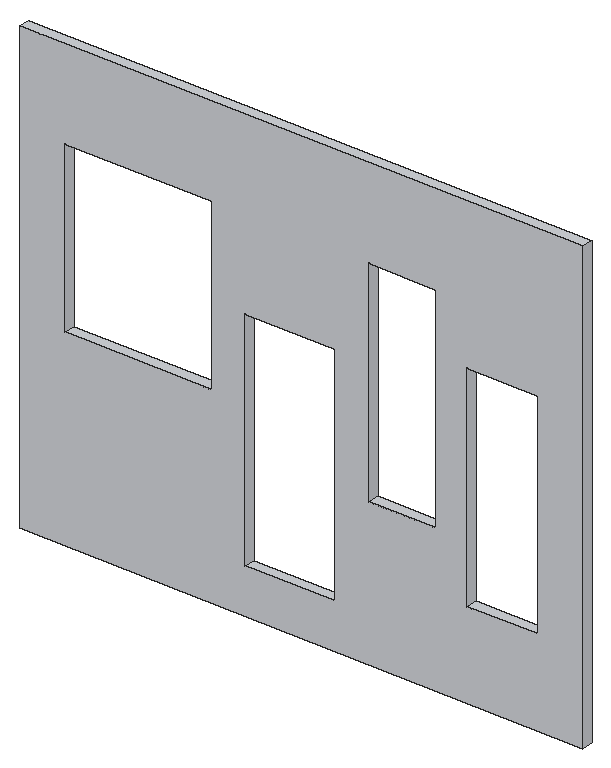
Revit family "TPP_pannello_family", category Generic Models, Revit 2016
Family settings
  Part Type = Normal
  Can host rebar = No
  Round Connector Dimension = Use Diameter
  Work Plane-Based = No
  Always vertical = Yes
  Cut with Voids When Loaded = No
  Shared = No
  Room Calculation Point = No
Parameters
  larghezza infisso [instance] = 130 cm
  Spessore pannello = 10 cm
  Larghezza pannello = 500 cm
  Bordo pannello = 40 cm
  Altezza pannello = 400 cm
Reference planes (cm)
  plane 1 "Center (Front/Back)": y = 0
  plane 2: z = 20
  plane 3 "Center (Left/Right)": x = 0
  plane 4: x = 500
  plane 5: y = 10
  plane 6: z = 420
  plane 7: z = 380
  plane 8: x = 460
  plane 9: z = 60
  plane 10: x = 40
  plane 11: z = 340
  plane 12: z = 286.903
  plane 13: z = 190
  plane 14: z = 96.903
  plane 15: z = 260.9058
  plane 16: z = 150
  plane 17: x = 170
  plane 18: x = 200
  plane 19: x = 280
  plane 20: x = 310
  plane 21: x = 370
  plane 22: x = 397.5388
  plane 23: y = 0
  plane 24: y = -10
Forms (cm)
  Extrusion 1, solid
    sketch origin (0, 0, 0) x (1, 0, 0) y (0, 0, 1)
      loop
        line (0, 20) -> (500, 20) -> (500, 420) -> (0, 420) -> (0, 20)
      loop
        line (200, 60) -> (280, 60) -> (280, 260.9058) -> (200, 260.9058) -> (200, 60)
      loop
        line (40, 340) -> (40, 190) -> (170, 190) -> (170, 340) -> (40, 340)
      loop
        line (310, 340) -> (310, 150) -> (370, 150) -> (370, 340) -> (310, 340)
      loop
        line (397.5388, 96.903) -> (460, 96.903) -> (460, 286.903) -> (397.5388, 286.903) -> (397.5388, 96.903)
    from 0 to 10
Dimensions and locks (cm)
  "Larghezza pannello": plane 3 "Center (Left/Right)" to plane 4
  "Spessore pannello": plane 5 to plane 1 "Center (Front/Back)"
  "Altezza pannello": plane 6 to level
  "Bordo pannello": plane 6 to plane 7
  "Bordo pannello": plane 4 to plane 8
  "Bordo pannello": plane 3 "Center (Left/Right)" to plane 10
  "Bordo pannello": plane 9 to plane 2
  plane 19 to plane 18 = 80 cm
  plane 21 to plane 20 = 60 cm
  plane 8 to plane 22 = 62.4612 cm
  plane 11 to plane 13 = 150 cm
  plane 15 to plane 9 = 200.9058 cm
  plane 11 to plane 16 = 190 cm
  plane 12 to Extrusion 1 = 190 cm
  "Spessore pannello": plane 24 to plane 23
  plane 10 to plane 17 = 130 cm
  aligned and locked: level to plane 2
  aligned and locked: Extrusion 1 to plane 11  (x2)
  aligned and locked: plane 16 to Extrusion 1
  aligned and locked: Extrusion 1 to plane 12
  aligned and locked: Extrusion 1 to plane 14
  aligned and locked: Extrusion 1 to plane 15
  aligned and locked: Extrusion 1 to plane 9
  aligned and locked: plane 13 to Extrusion 1
  aligned and locked: Extrusion 1 to plane 10
  aligned and locked: Extrusion 1 to plane 17
  aligned and locked: plane 18 to Extrusion 1
  aligned and locked: Extrusion 1 to plane 19
  aligned and locked: plane 20 to Extrusion 1
  aligned and locked: Extrusion 1 to plane 21
  aligned and locked: plane 22 to Extrusion 1
  aligned and locked: plane 8 to Extrusion 1
  aligned and locked: plane 24 to Extrusion 1
Automatic sketch dimensions
  Extrusion 1 sketch curve to level = 0 cm
  Extrusion 1 sketch curve to plane 3 "Center (Left/Right)" = 0 cm
  plane 10 to Extrusion 1 sketch curve = 0 cm
  Extrusion 1 sketch curve to plane 9 = 0 cm
  plane 8 to Extrusion 1 sketch curve = 0 cm
  Extrusion 1 sketch curve to plane 4 = 0 cm
  Extrusion 1 sketch curve to plane 6 = 0 cm
  Extrusion 1 sketch curve to plane 7 = 40 cm  (x2)
  Extrusion 1 sketch curve to plane 10 = 130 cm
  Extrusion 1 sketch curve to Extrusion 1 sketch curve = 30 cm  (x2)
  Extrusion 1 sketch curve to Extrusion 1 sketch curve = 80 cm
  Extrusion 1 sketch curve to Extrusion 1 sketch curve = 60 cm
  Extrusion 1 sketch curve to plane 9 = 36.903 cm
  Extrusion 1 sketch curve to Extrusion 1 sketch curve = 53.097 cm
  Extrusion 1 sketch curve to plane 9 = 130 cm
  Extrusion 1 sketch curve to Extrusion 1 sketch curve = 79.0942 cm
  Extrusion 1 sketch curve to plane 7 = 93.097 cm
  Extrusion 1 sketch curve to Extrusion 1 sketch curve = 27.5388 cm
